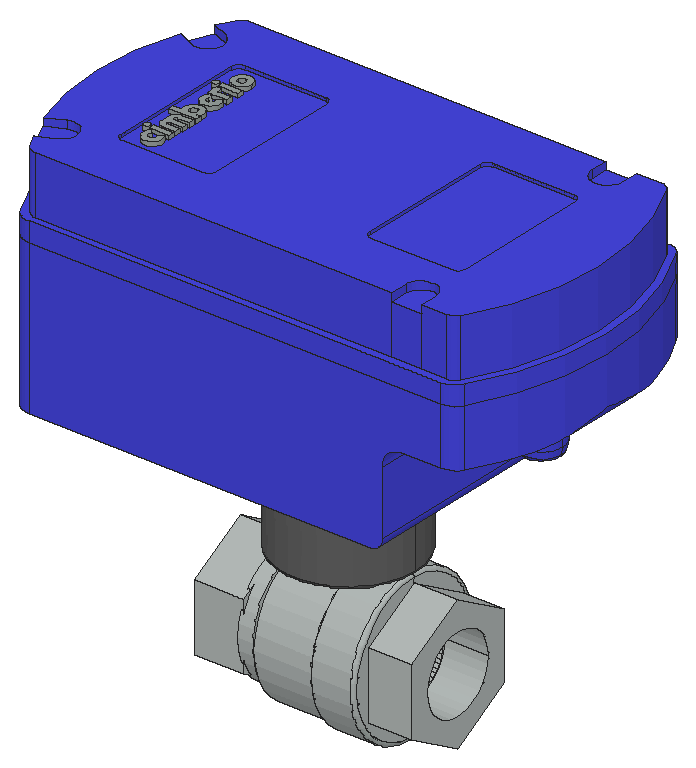
Revit family "QD29600000", category Apparecchi idraulici, Revit 2020
Family settings
  Quota connettore circolare = Usa diametro
  Tipo di parte = Normale
  Numero OmniClass = 23.45.00.00
  Titolo OmniClass = Sanitary, Laundry, and Cleaning Equipment
  Basato su piano di lavoro = No
  Sempre verticale = Sì
  Taglio con vuoti quando caricato = No
  Condiviso = No
  Punto di calcolo locali = No
Parameters
  URL = "https://web.cimberio.it/index.php/figura/578?subcategoria_id=74926"
  Temperatura di esercizio = "-20 ÷ 150°C"
  Prospetto di default = 0 mm
  Produttore = "CIMBERIO SPA"
  Pressione nominale = "PN 45 (3/4\" ÷ 1\"); PN 35 (1\"1/4)"
  Modello = "Cim 602RE"
  Materiale = "Prodotto in lega di ottone conforme alla norma EN 12165-CW617N-DW"
  Descrizione = "Utilizzato nei più svariati settori dell'impiantistica: impianti di riscaldamento, condizionamento, idrici, igienico-sanitari, aria compressa e in generale con ogni fluido non corrosivo.\r\nParticolarmente indicato come valvola di zona per la regolazione e contabilizzazione di impianti di riscaldamento singoli o a zone, impianti con utilizzazione di energie alternative, impianti con fluidi caldi o freddi e impianti di automazione in genere."
  DN Model [instance] = QD29601020 : QD29601020
  DN [instance] = 20 mm
  Commenti sul tipo = "Realizzato in ottemperanza ai requisiti gestionali della norma EN ISO 9001.\r\nCollaudato al 100% secondo la normativa EN 12266-1"
Reference planes
  plane 1 "Centro (Fronte/Retro)": y = 0
  plane 2: z = 0
  plane 3 "Centro (Sinistra/Destra)": x = 0
Dimensions and locks
  aligned and locked: level to plane 2
Nested families
  nested 1: "QD29601020" at (0, 0, 0), type <- "DN Model", type "QD29601020"
  nested 2: "QD29601020" at (0, 0, 0), type <- "DN Model", type "QD29601020"
  nested 3: "QD29601020" at (0, 0, 0), type <- "DN Model", type "QD29601020"
Connectors
  piping at (28.6, 0, 0), diameter 20, driven by "DN"
    settings: on nested 1, index 1, connector inside diameter 609.6 mm, connector length 0 mm, flow factor 0, pipe flow 0.0 L/s, pressure drop 0.0 Pa, fitting loss kfactor 0, connector angle 0.00°, fixture units 0, engagement length 0 mm, angle of deflection 0.00°, flow configuration 0, flow direction 0, fitting loss method 0, system type 7, joint type 0, gender type 0, connector reference index -1, connector utility 0, adjustable connector no, is connector primary yes, connector description ""
  piping at (-28, 0, 0), diameter 20, driven by "DN"
    settings: on nested 1, index 2, connector inside diameter 609.6 mm, connector length 0 mm, flow factor 0, pipe flow 0.0 L/s, pressure drop 0.0 Pa, fitting loss kfactor 0, connector angle 0.00°, fixture units 0, engagement length 0 mm, angle of deflection 0.00°, flow configuration 0, flow direction 0, fitting loss method 0, system type 7, joint type 0, gender type 0, connector reference index -1, connector utility 0, adjustable connector no, is connector primary no, connector description ""
Definition of nested family "QD29601020"
  Parameters (values of type "QD29601020")
    URL = "https://web.cimberio.it/index.php/figura/394?subcategoria_id="
    Temperatura di esercizio = "-10 ÷ 95°C"
    Default Elevation = 0 mm
    Manufacturer = "CIMBERIO SPA"
    Pressione nominale = "PN 16"
    Model = "Cim 32"
    Materiale = "Prodotto in lega di ottone conforme alla norma EN 12165-CW617N-DW"
    Description = "Impiegato nei più svariati settori dell'impiantistica in condutture anti-ritorno per: reti di distribuzione acqua potabile, impianti di riscaldamento, condizionamento, igienico-sanitari e in generale con ogni fluido non corrosivo."
    DN [instance] = 50 mm
    Type Comments = "Realizzato in ottemperanza ai requisiti gestionali della norma EN ISO 9001.\r\nCollaudato al 100% secondo la normativa EN 12266-1"
  Reference planes
    plane 1 "Centro (Fronte/Retro)": y = 0
    plane 2: z = 0
    plane 3 "Centro (Sinistra/Destra)": x = 0
  Forms (mm)
    Revolve 1, solid
      sketch origin (2.05, 0, 0) x (1, 0, 0) y (0, 0, 1)
        loop
          line (-11.8, -18.5) -> (2.95, -18.5) -> (3.95, -19.5) -> (14.05, -19.5)
          arc (14.05, -19.5) -> (14.757, -19.207) -> (15.05, -18.5) r 1
          line (15.05, -18.5) -> (15.05, -10) -> (-17.928, -10) -> (-17.928, -16.25) -> (-14.05, -16.25) -> (-11.8, -18.5)
        axis (-17.928, 0) -> (15.05, 0)
      angle from 0 to 360
    Extrusion 2, solid
      sketch origin (0, 0, 0) x (0, 1, 0) y (0, 0, 1)
        loop
          circle (0, 0) r 10
        loop
          line (0, 17.35) -> (-15.026, 8.675) -> (-15.026, -8.675) -> (0, -17.35) -> (15.026, -8.675) -> (15.026, 8.675) -> (0, 17.35)
      from -28 to -15.211
    Revolve 3, solid
      sketch origin (2.097, 0, 0) x (1, 0, 0) y (0, 0, 1)
        loop
          line (7.331, 37.805) -> (0, 37.805) -> (0, 13.864) -> (7.331, 13.864) -> (7.331, 37.805)
        axis (0, 37.805) -> (0, 13.864)
      angle from 0 to 360
    Extrusion 4, solid
      sketch origin (2.097, 0, 0) x (1, 0, 0) y (0, 0, 1)
        loop
          line (-11.431, 34.091) -> (-11.431, 13.864) -> (-6.253, 13.864) -> (-6.253, 34.091) -> (-11.431, 34.091)
      from -0.812 to 0.713
    Revolve 5, solid
      sketch origin (0, 0, -3.5) x (1, 0, 0) y (0, 0, 1)
        loop
          line (0, 51.8) -> (0, 36.671) -> (3.652, 36.671) -> (3.652, 23.3) -> (16.983, 23.3)
          arc (16.983, 23.3) -> (17.427, 23.419) -> (17.69, 23.796) r 0.672
          line (17.69, 23.796) -> (17.955, 46.8) -> (19, 46.8)
          arc (19, 46.8) -> (19.707, 47.093) -> (20, 47.8) r 1
          line (20, 47.8) -> (20, 51.8) -> (0, 51.8)
        axis (0, 51.8) -> (0, 23.3)
      angle from 0 to 360
    Extrusion 6, solid
      sketch origin (0, 0, -3.5) x (1, 0, 0) y (0, 1, 0)
        loop
          arc (-53.687, 37) -> (-56.156, 36.347) -> (-57.982, 34.56) r 5
          arc (-57.982, 34.56) -> (-67.5, 0) -> (-57.982, -34.56) r 67.5
          arc (-57.982, -34.56) -> (-56.156, -36.347) -> (-53.687, -37) r 5
          line (-53.687, -37) -> (53.687, -37)
          arc (53.687, -37) -> (56.156, -36.347) -> (57.982, -34.56) r 5
          arc (57.982, -34.56) -> (67.5, 0) -> (57.982, 34.56) r 67.5
          arc (57.982, 34.56) -> (56.156, 36.347) -> (53.687, 37) r 5
          line (53.687, 37) -> (-53.687, 37)
      from 51.8 to 91.8
    Extrusion 7, solid
      sketch origin (0, 0, 36.5) x (1, 0, 0) y (0, 1, 0)
        loop
          arc (-53.687, 37) -> (-56.156, 36.347) -> (-57.982, 34.56) r 5
          arc (-57.982, 34.56) -> (-67.5, 0) -> (-57.982, -34.56) r 67.5
          arc (-57.982, -34.56) -> (-56.156, -36.347) -> (-53.687, -37) r 5
          line (-53.687, -37) -> (53.687, -37)
          arc (53.687, -37) -> (56.156, -36.347) -> (57.982, -34.56) r 5
          arc (57.982, -34.56) -> (67.5, 0) -> (57.982, 34.56) r 67.5
          arc (57.982, 34.56) -> (56.156, 36.347) -> (53.687, 37) r 5
          line (53.687, 37) -> (-53.687, 37)
      from 51.8 to 56.8
    Extrusion 8, solid
      sketch origin (0, 0, -3.5) x (1, 0, 0) y (0, 1, 0)
        loop
          arc (-53.687, 35) -> (-55.168, 34.608) -> (-56.264, 33.536) r 3
          arc (-56.264, 33.536) -> (-57.395, 31.561) -> (-58.457, 29.547) r 65.5
          arc (-58.457, 29.547) -> (-60.152, 25.922) -> (-61.623, 22.2) r 65.5
          arc (-61.623, 22.2) -> (-65.5, 0) -> (-61.623, -22.2) r 65.5
          arc (-61.623, -22.2) -> (-60.152, -25.922) -> (-58.457, -29.547) r 65.5
          arc (-58.457, -29.547) -> (-57.395, -31.561) -> (-56.264, -33.536) r 65.5
          arc (-56.264, -33.536) -> (-55.168, -34.608) -> (-53.687, -35) r 3
          line (-53.687, -35) -> (39.293, -35) -> (47.293, -35) -> (53.687, -35)
          arc (53.687, -35) -> (55.168, -34.608) -> (56.264, -33.536) r 3
          arc (56.264, -33.536) -> (65.5, 0) -> (56.264, 33.536) r 65.5
          arc (56.264, 33.536) -> (55.168, 34.608) -> (53.687, 35) r 3
          line (53.687, 35) -> (47.293, 35) -> (39.293, 35) -> (-53.687, 35)
      from 96.8 to 111.8
    Extrusion 9, void
      sketch origin (0, 0, -3.5) x (1, 0, 0) y (0, 1, 0)
        loop
          arc (-57.295, 20.329) -> (-52.036, 22.412) -> (-54.12, 27.671) r 4
          line (-54.12, 27.671) -> (-59.289, 29.907) -> (-62.465, 22.564) -> (-57.295, 20.329)
        loop
          arc (-54.12, -27.671) -> (-52.036, -22.412) -> (-57.295, -20.329) r 4
          line (-57.295, -20.329) -> (-62.083, -22.399) -> (-58.908, -29.742) -> (-54.12, -27.671)
        loop
          arc (39.293, 30.5) -> (43.293, 26.5) -> (47.293, 30.5) r 4
          line (47.293, 30.5) -> (47.293, 35.946) -> (39.293, 35.946) -> (39.293, 30.5)
        loop
          line (39.293, -30.43) -> (39.293, -35) -> (47.293, -35) -> (47.293, -30.5)
          arc (47.293, -30.5) -> (43.293, -26.5) -> (39.293, -30.5) r 4
      from 109.8 to 117.274
    Extrusion 10, void
      sketch origin (0, 0, -3.5) x (1, 0, 0) y (0, 1, 0)
        loop
          line (-21.999, 20) -> (-43.001, 20)
          arc (-43.001, 20) -> (-44.415, 19.414) -> (-45, 18) r 2
          line (-45, 18) -> (-45, -18)
          arc (-45, -18) -> (-44.414, -19.415) -> (-42.999, -20) r 2
          line (-42.999, -20) -> (-21.999, -20)
          arc (-21.999, -20) -> (-20.585, -19.414) -> (-20, -18) r 2
          line (-20, -18) -> (-20, 18)
          arc (-20, 18) -> (-20.585, 19.414) -> (-21.999, 20) r 2
        loop
          arc (22.001, 20) -> (20.586, 19.415) -> (20, 18) r 2
          line (20, 18) -> (20, -18)
          arc (20, -18) -> (20.586, -19.415) -> (22.001, -20) r 2
          line (22.001, -20) -> (43.001, -20)
          arc (43.001, -20) -> (44.415, -19.414) -> (45, -18) r 2
          line (45, -18) -> (45, 18)
          arc (45, 18) -> (44.415, 19.414) -> (43.001, 20) r 2
          line (43.001, 20) -> (22.001, 20)
      from 111.039 to 121
    Extrusion 11, solid
      sketch origin (0, 0, 107.539) x (1, 0, 0) y (0, 1, 0)
        loop
          arc (-41.222, -13.089) -> (-39.283, -17.248) -> (-37.344, -13.089) r 2.531
          line (-37.344, -13.089) -> (-38.507, -14.066)
          arc (-38.507, -14.066) -> (-39.283, -15.729) -> (-40.058, -14.066) r 1.013
          line (-40.058, -14.066) -> (-41.222, -13.089)
        loop
          line (-36.751, -12.583) -> (-36.751, -11.064) -> (-41.814, -11.064) -> (-41.814, -12.583) -> (-36.751, -12.583)
        loop
          circle (-43.08, -11.824) r 0.861
        loop
          line (-36.751, -9.039) -> (-39.89, -9.039)
          arc (-39.89, -9.039) -> (-40.295, -8.634) -> (-39.89, -8.229) r 0.405
          line (-39.89, -8.229) -> (-36.751, -8.229) -> (-36.751, -6.711) -> (-39.89, -6.711)
          arc (-39.89, -6.711) -> (-40.295, -6.306) -> (-39.89, -5.901) r 0.405
          line (-39.89, -5.901) -> (-36.751, -5.901) -> (-36.751, -4.382) -> (-39.89, -4.382)
          arc (-39.89, -4.382) -> (-41.614, -5.451) -> (-41.422, -7.47) r 1.924
          arc (-41.422, -7.47) -> (-41.614, -9.489) -> (-39.89, -10.558) r 1.924
          line (-39.89, -10.558) -> (-36.751, -10.558) -> (-36.751, -9.039)
        loop
          line (-43.839, -3.876) -> (-36.751, -3.876) -> (-36.751, -2.357) -> (-37.544, -2.357) -> (-36.841, -2.013)
          arc (-36.841, -2.013) -> (-39.465, 1.18) -> (-41.603, -2.357) r 2.531
          line (-41.603, -2.357) -> (-43.839, -2.357) -> (-43.839, -3.876)
        loop
          circle (-39.283, -1.344) r 1.012
        loop
          arc (-41.013, 6.072) -> (-39.435, 1.698) -> (-37.344, 5.851) r 2.531
          line (-37.344, 5.851) -> (-38.507, 4.875)
          arc (-38.507, 4.875) -> (-38.282, 4.378) -> (-38.348, 3.836) r 1.013
          line (-38.348, 3.836) -> (-41.013, 6.072)
        loop
          line (-38.738, 3.371) -> (-40.218, 4.612)
          arc (-40.218, 4.612) -> (-39.934, 3.449) -> (-38.738, 3.371) r 1.013
        loop
          line (-36.751, 6.358) -> (-36.751, 7.876) -> (-40.426, 7.876)
          arc (-40.426, 7.876) -> (-41.131, 9.395) -> (-41.814, 7.867) r 0.92
          line (-41.814, 7.867) -> (-41.814, 6.358) -> (-36.751, 6.358)
        loop
          line (-36.751, 9.901) -> (-36.751, 11.42) -> (-41.814, 11.42) -> (-41.814, 9.901) -> (-36.751, 9.901)
        loop
          circle (-43.08, 10.661) r 0.861
        loop
          circle (-39.283, 14.458) r 2.531
        loop
          circle (-39.283, 14.458) r 1.012
      from 0 to 1
    Extrusion 12, void
      sketch origin (53.687, -37, -3.5) x (1, 0, 0) y (0, 0, -1)
        loop
          arc (10.861, -76.8) -> (12.982, -77.679) -> (13.861, -79.8) r 3
          line (13.861, -79.8) -> (18.861, -79.8) -> (18.861, -47.437) -> (-18.139, -47.437) -> (-18.139, -51.8)
          arc (-18.139, -51.8) -> (-16.018, -52.679) -> (-15.139, -54.8) r 3
          line (-15.139, -54.8) -> (-15.139, -71.8)
          arc (-15.139, -71.8) -> (-13.673, -75.338) -> (-10.133, -76.8) r 5
          line (-10.133, -76.8) -> (10.861, -76.8)
      from -27.232 to 98.451
    Revolve 13, solid
      sketch origin (53.687, 0, -3.5) x (-1, 0, 0) y (0, 0, -1)
        loop
          line (-2.306, -66.221) -> (-2.861, -76.8) -> (3.139, -76.8) -> (3.139, -63.8) -> (-1.381, -63.8)
          arc (-1.381, -63.8) -> (-1.763, -63.939) -> (-1.966, -64.291) r 0.594
          line (-1.966, -64.291) -> (-2.306, -66.221)
        axis (3.139, -63.8) -> (3.139, -76.8)
      angle from 0 to 360
    Extrusion 14, solid
      sketch origin (0, 0, 0) x (0, 1, 0) y (0, 0, -1)
        loop
          circle (0, 0) r 10
        loop
          line (0, -17.35) -> (15.026, -8.675) -> (15.026, 8.675) -> (0, 17.35) -> (-15.026, 8.675) -> (-15.026, -8.675) -> (0, -17.35)
      from -28.6 to -15.211
  Cuts and joins
    Extrusion 9, Extrusion 12 cuts Extrusion 6
    Extrusion 9 cuts Extrusion 7
    Extrusion 9, Extrusion 10 cuts Extrusion 8
  Dimensions and locks
    aligned and locked: level to plane 2
